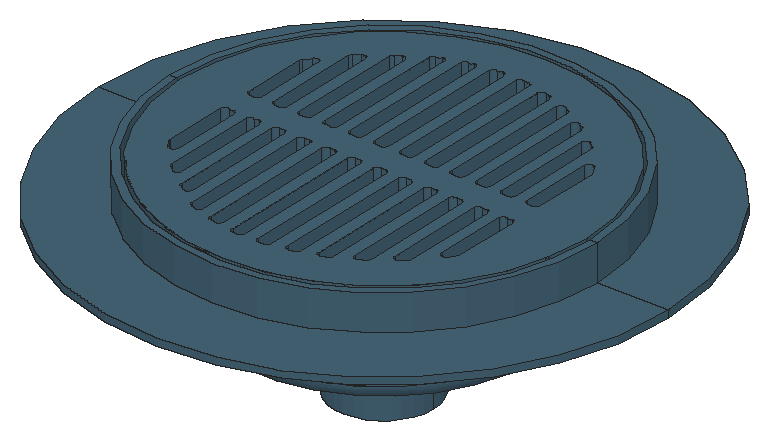
Revit family "Drain_Deck_Parking_Heavy-Duty-Zurn-Z536-With-Support-Flange", category Plumbing Fixtures, Revit 2022
Family settings
  Round Connector Dimension = Use Radius
  Part Type = Normal
  OmniClass Number = 23.70.50.21.24.14
  OmniClass Title = Deck Waste Water Drains
  Work Plane-Based = No
  Always vertical = Yes
  Cut with Voids When Loaded = No
  Maintain Annotation Orientation = No
  Shared = No
  Room Calculation Point = No
Parameters (values of type "Load Family Type Catalog")
  ZN-Top = no
  Waste Connection = 0 = 0  # yes
  WFU = 1  # constant formula
  Vent Connection = 0 = 1  # no
  URL = "www.zurn.com"
  Type Comments = "Z536-3 Inch-No-Hub Outlet"
  Top Diameter Width = 20.000"  # constant formula
  Top Diameter Inner = 15.375"  # constant formula
  Product data url = "https://www.bimobject.com/en/zurnindustries/product/zurn-z536-ic"
  Product Page URL = "https://www.zurn.com/products/drainage-interceptors/floor-drains/area-drains/z536"
  Product Installtion Sheet = "https://files.zurn.com/care-cleaning-install-warranty-sheets/fd39-(1).pdf"
  Product Documentation Link = "https://files.zurn.com/spec-sheets/z536.pdf"
  Frame Dimension = 2.000"
  Grate = Iron - Zurn - Cast - Painted - Blue
  A_ Pipe Size (Nominal) = 3.000"
  A_ Pipe Size (Actual-Outer) = 3.500"
  Connector Radius = [A_ Pipe Size (Nominal)] / 2  # 1.500"
  Modified Date = "12/26/2025"  # constant formula
  Model = "Z536"
  Manufacurer Brand = "Zurn"  # constant formula
  Manufacturer = "Zurn Water, LLC"  # constant formula
  Body Height_E = 5.250"
  HWFU = 0  # constant formula
  HW Connection = 0 = 1  # no
  Grate Open Area Sq.in = 56.000"  # constant formula
  Description = "15-3/8 [391] DIAMETER HEAVY-DUTY PARKING DECK DRAIN WITH SUPPORT FLANGE"  # constant formula
  Default Elevation = 25.000"  # constant formula
  Date Created = "11/13/2018"  # constant formula
  CWFU = 0  # constant formula
  Main Material = Iron - Zurn - Cast - Painted - Blue
  CW Connection = 0 = 1  # no
  Assembly Code = "D2030300"
  Approx. Weight (Lbs) = 95.000"
  A_ Pipe Size (Actual-Inner) = 3.068"
Reference planes (in)
  plane 1 "Center (Front/Back)": y = 0
  plane 2: z = 0
  plane 3 "Center (Left/Right)": x = 0
  plane 4: y = 10
  plane 5: y = -10
  plane 6: y = -7.6875
  plane 7: y = 7.6875
  plane 8: y = 1.75
  plane 9: y = -1.75
  plane 10: x = -10
  plane 11: x = 10
  plane 12: x = -7.6875
  plane 13: x = 7.6875
  plane 14: x = -7.5
  plane 15: x = 7.5
  plane 16: x = -8
  plane 17: x = 8
  plane 18: z = -2
  plane 19: z = -7.25
  plane 20: z = -1.75
  plane 21: z = -4.5
  plane 22: z = -1.25
  plane 23: z = -1.5
  plane 24: z = -1.5
  plane 25: x = 7.25
  plane 26: z = -3.00819
  plane 27: z = -2.32069
  plane 28: x = 5.625
  plane 29: x = 6.6875
  plane 30: x = -1.75
  plane 31: x = 1.75
  plane 32: z = -1.5
  plane 33: y = 7.125
  plane 34: y = -7.125
  plane 35: x = -7.125
  plane 36: x = 7.125
  plane 37: y = 4.75
  plane 38: y = 2.375
  plane 39: y = -2.375
  plane 40: y = -4.75
  plane 41: x = -4.75
  plane 42: x = -2.375
  plane 43: x = 2.375
  plane 44: x = 4.75
  plane 45: z = 0
  plane 46: z = -0.188
Forms (in)
  Revolve 1, solid, material "Iron - Zurn - Cast - Painted - Blue" <- "Main Material", detail levels fine
    sketch origin (0, 0, 0) x (1, 0, 0) y (0, 0, 1)
      loop
        line (7.5, 0) -> (7.25, 0) -> (7.25, -1.5) -> (0, -1.5) -> (0, -2) -> (7.5, -2) -> (7.5, -1.75) -> (8, -1.75) -> (8, -1.5) -> (10, -1.5) -> (10, -1.25) -> (7.5, -1.25) -> (7.5, 0)
      axis (0, 0) -> (0, -2)
    angle from 0 to 360
  Revolve 2, solid, material "Iron - Zurn - Cast - Painted - Blue" <- "Main Material", detail levels fine
    sketch origin (0, 0, 0) x (1, 0, 0) y (0, 0, 1)
      loop
        line (0, -2) -> (0, -4.5) -> (5.125, -4.5)
        arc (5.125, -4.5) -> (5.47855, -4.35355) -> (5.625, -4) r 0.5
        line (5.625, -4) -> (5.625, -3.00819) -> (6.6875, -3.00819) -> (6.6875, -2.32069) -> (7.5, -2.32069) -> (7.5, -2) -> (0, -2)
      axis (0, -2) -> (0, -4.5)
    angle from 0 to 360
  Extrusion 3, solid, material "Iron - Zurn - Cast - Painted - Blue" <- "Main Material", detail levels fine
    sketch origin (0, 0, 0) x (1, 0, 0) y (0, 1, 0)
      loop
        circle (0, 0) r 1.75
      loop
        circle (0, 0) r 1.534
    from -7.25 to -4.5
  Extrusion 4, solid, material "Iron - Zurn - Cast - Painted - Blue" <- "Grate", visible <- "ZN-Top", detail levels fine
    sketch origin (0, 0, 0) x (1, 0, 0) y (0, 1, 0)
      loop
        circle (0, 0) r 7.5
      loop
        circle (0, 0) r 7.25
    from -0.188 to 0
Lines and regions (in)
  Masking region 1, detail levels fine
    outline origin (0, 0, 0) x (1, 0, 0) y (0, 1, 0)
      loop
        circle (0, 0) r 10
  model lines, detail levels coarse+medium
    curve 1: circle (0, 0, 0) r 7.5 normal (0, 0, 1)
    curve 2: circle (0, 0, 0) r 7.125 normal (0, 0, 1)
    curve 3: line (0, 0, 0) -> (0, 0, -7.25)
    curve 4: line (-1.75, 0, -7.25) -> (1.75, 0, -7.25)
    curve 5: line (0, 1.75, -7.25) -> (0, -1.75, -7.25)
    curve 6: line (-5.31066, 4.75, 0) -> (5.31066, 4.75, 0)
    curve 7: line (-6.71751, 2.375, 0) -> (6.71751, 2.375, 0)
    curve 8: line (-7.125, 0, 0) -> (7.125, 0, 0)
    curve 9: line (-6.71751, -2.375, 0) -> (6.71751, -2.375, 0)
    curve 10: line (-5.31066, -4.75, 0) -> (5.31066, -4.75, 0)
    curve 11: line (4.75, 5.31066, 0) -> (4.75, -5.31066, 0)
    curve 12: line (2.375, 6.71751, 0) -> (2.375, -6.71751, 0)
    curve 13: line (0, 7.125, 0) -> (0, -7.125, 0)
    curve 14: line (-2.375, 6.71751, 0) -> (-2.375, -6.71751, 0)
    curve 15: line (-4.75, 5.31066, 0) -> (-4.75, -5.31066, 0)
Dimensions and locks (in)
  equal spacing: plane 4, plane 1 "Center (Front/Back)", plane 5
  plane 4 to plane 5 = 20.000"
  equal spacing: plane 7, plane 1 "Center (Front/Back)", plane 6
  "Top Diameter Inner": plane 7 to plane 6
  equal spacing: plane 8, plane 1 "Center (Front/Back)", plane 9
  "A_ Pipe Size (Actual-Outer)": plane 8 to plane 9
  equal spacing: plane 11, plane 3 "Center (Left/Right)", plane 10
  "Top Diameter Width": plane 11 to plane 10
  equal spacing: plane 13, plane 3 "Center (Left/Right)", plane 12
  "Top Diameter Inner": plane 13 to plane 12
  equal spacing: plane 15, plane 3 "Center (Left/Right)", plane 14
  plane 15 to plane 14 = 15.000"
  equal spacing: plane 17, plane 3 "Center (Left/Right)", plane 16
  plane 17 to plane 16 = 16.000"
  "Frame Dimension": level to plane 18
  level to plane 20 = 1.750"
  "Body Height_E": plane 18 to plane 19
  plane 21 to plane 19 = 2.750"
  locked: plane 18 to plane 21 at 2.5
  plane 15 to plane 25 = 0.250"
  plane 23 to plane 20 = 0.250"
  plane 22 to plane 23 = 0.250"
  plane 20 to plane 18 = 0.250"
  plane 18 to plane 27 = 0.32069"
  plane 27 to plane 26 = 0.6875"
  plane 26 to plane 21 = 1.49181"
  equal spacing: plane 31, plane 3 "Center (Left/Right)", plane 30
  "A_ Pipe Size (Actual-Outer)": plane 31 to plane 30
  level to plane 32 = 1.500"
  level to plane 22 = 1.250"
  equal spacing: plane 35, plane 3 "Center (Left/Right)", plane 36
  plane 35 to plane 36 = 14.250"
  equal spacing: plane 33, plane 1 "Center (Front/Back)", plane 34
  plane 33 to plane 34 = 14.250"
  equal spacing: plane 33, plane 37, plane 38, plane 1 "Center (Front/Back)"
  equal spacing: plane 1 "Center (Front/Back)", plane 39, plane 40, plane 34
  equal spacing: plane 35, plane 41, plane 42, plane 3 "Center (Left/Right)"
  equal spacing: plane 3 "Center (Left/Right)", plane 43, plane 44, plane 36
  plane 45 to plane 18 = 2.000"
  plane 45 to plane 22 = 1.250"
  level to plane 46 = 0.188"
  "A_ Pipe Size (Actual-Outer)": diameter of Extrusion 3 sketch curve
  "A_ Pipe Size (Actual-Inner)": diameter of Extrusion 3 sketch curve
  aligned and locked: plane 2 to level
  aligned and locked: plane 3 "Center (Left/Right)" to Revolve 1 sketch curve
  aligned and locked: plane 18 to Revolve 1 sketch curve
  aligned and locked: Revolve 1 sketch curve to plane 15  (x2)
  aligned and locked: Revolve 1 sketch curve to plane 11
  aligned and locked: Revolve 1 sketch curve to plane 17
  aligned and locked: plane 20 to Revolve 1 sketch curve
  aligned and locked: Revolve 1 sketch curve to plane 24
  aligned and locked: plane 23 to Revolve 1 sketch curve
  aligned and locked: Revolve 1 sketch curve to plane 22
  aligned and locked: plane 25 to Revolve 1 sketch curve
  aligned and locked: Revolve 1 sketch curve to plane 3 "Center (Left/Right)"
  aligned and locked: Revolve 2 sketch curve to plane 18
  aligned and locked: Revolve 2 sketch curve to plane 15
  aligned and locked: plane 21 to Revolve 2 sketch curve
  aligned and locked: plane 27 to Revolve 2 sketch curve
  aligned and locked: plane 26 to Revolve 2 sketch curve
  aligned and locked: plane 3 "Center (Left/Right)" to Revolve 2 sketch curve
  aligned and locked: plane 29 to Revolve 2 sketch curve
  aligned and locked: plane 28 to Revolve 2 sketch curve
  aligned and locked: Revolve 2 sketch curve to plane 3 "Center (Left/Right)"
  aligned and locked: plane 3 "Center (Left/Right)" to Extrusion 3 sketch curve  (x2)
  aligned and locked: plane 1 "Center (Front/Back)" to Extrusion 3 sketch curve  (x2)
  aligned and locked: plane 21 to Extrusion 3
  aligned and locked: Extrusion 3 to plane 19
  aligned and locked: plane 1 "Center (Front/Back)" to nested 1
  aligned and locked: plane 3 "Center (Left/Right)" to nested 1
  aligned and locked: level to nested 1
  aligned and locked: plane 32 to nested 1
  aligned and locked: plane 3 "Center (Left/Right)" to curve 1
  aligned and locked: plane 1 "Center (Front/Back)" to curve 1
  aligned and locked: plane 3 "Center (Left/Right)" to curve 2
  aligned and locked: plane 1 "Center (Front/Back)" to curve 2
  aligned and locked: plane 19 to curve 3
  aligned and locked: level to curve 3
  aligned and locked: curve 3 to plane 3 "Center (Left/Right)"
  aligned and locked: plane 30 to curve 4
  aligned and locked: plane 31 to curve 4
  aligned and locked: curve 4 to plane 19
  aligned and locked: plane 8 to curve 5
  aligned and locked: plane 9 to curve 5
  aligned and locked: curve 5 to plane 19
  aligned and locked: curve 6 to plane 37
  aligned and locked: curve 7 to plane 38
  aligned and locked: plane 1 "Center (Front/Back)" to curve 8
  aligned and locked: curve 9 to plane 39
  aligned and locked: curve 10 to plane 40
  aligned and locked: curve 11 to plane 44
  aligned and locked: curve 12 to plane 43
  aligned and locked: curve 13 to plane 3 "Center (Left/Right)"
  aligned and locked: curve 14 to plane 42
  aligned and locked: curve 15 to plane 41
  aligned and locked: plane 3 "Center (Left/Right)" to Masking region 1 sketch curve
  aligned and locked: plane 1 "Center (Front/Back)" to Masking region 1 sketch curve
  aligned and locked: plane 45 to Revolve 1 sketch curve
  aligned and locked: Extrusion 4 to plane 46
  aligned and locked: level to Extrusion 4
  aligned and locked: plane 3 "Center (Left/Right)" to Extrusion 4 sketch curve  (x2)
  aligned and locked: plane 1 "Center (Front/Back)" to Extrusion 4 sketch curve  (x2)
Automatic sketch dimensions
  Revolve 1 sketch curve to plane 19 = 1.500"
  Revolve 2 sketch curve to plane 28 = 0.500"
  Revolve 2 sketch curve to plane 19 = 1.750"
  level to Revolve 2 sketch curve = 2.750"
  level to Revolve 1 sketch curve = 3.812"
  curve 8 to plane 35 = 0.000"
  radius of curve 1 = 7.500"
  radius of Masking region 1 sketch curve = 10.000"
  radius of Extrusion 4 sketch curve = 7.500"
  radius of Extrusion 4 sketch curve = 7.250"
Nested families (in)
  nested 1: "Grate" at (0, 0, 0), Grate <- "Grate", type "Grate", detail levels fine
    with Grate Iron - Zurn - Cast - Painted - Blue
Definition of nested family "Grate"
  Parameters (values of type "Grate")
    URL = "www.zurn.com"
    Product data url = ""
    Product Page URL = ""
    Product Installation Sheet URL = ""
    Product Documentation Link = ""
    Modified Date = ""
    Manufacurer Brand = "Zurn"  # constant formula
    Manufacturer = "Zurn Water, LLC"  # constant formula
    Grate [instance] = none
    Default Elevation = 0.000"
    Date Created = ""
    Approx. Weight (Lbs) = 0.000"
  Reference planes (in)
    plane 1 "Center (Front/Back)": y = 0
    plane 2: z = 0
    plane 3 "Center (Left/Right)": x = 0
    plane 4: x = -7.125
    plane 5: x = 7.125
    plane 6: y = 7.125
    plane 7: y = -7.125
    plane 8: z = -1.5
  Forms (in)
    Extrusion 1, solid, material <- "Grate"
      sketch origin (0, 0, 0) x (1, 0, 0) y (0, 1, 0)
        loop
          circle (0, 0) r 7.125
      from -1.5 to 0
    Extrusion 2, void
      sketch origin (0.125, 0, 0) x (1, 0, 0) y (0, 1, 0)
        loop
          arc (-5.368, 0.62352) -> (-5.32085, 0.50968) -> (-5.20701, 0.46253) r 0.16099
          line (-5.20701, 0.46253) -> (-5.03646, 0.46253)
          arc (-5.03646, 0.46253) -> (-4.92262, 0.50968) -> (-4.87547, 0.62352) r 0.16099
          line (-4.87547, 0.62352) -> (-4.87547, 3.06204)
          arc (-4.87547, 3.06204) -> (-4.98531, 3.21493) -> (-5.16526, 3.15962) r 0.16132
          line (-5.16526, 3.15962) -> (-5.34021, 2.90976)
          arc (-5.34021, 2.90976) -> (-5.36089, 2.86711) -> (-5.368, 2.82025) r 0.15806
          line (-5.368, 2.82025) -> (-5.368, 0.62352)
        loop
          arc (-4.48133, 0.62352) -> (-4.43417, 0.50968) -> (-4.32033, 0.46253) r 0.16099
          line (-4.32033, 0.46253) -> (-4.14979, 0.46253)
          arc (-4.14979, 0.46253) -> (-4.03595, 0.50968) -> (-3.9888, 0.62352) r 0.16099
          line (-3.9888, 0.62352) -> (-3.9888, 4.01681)
          arc (-3.9888, 4.01681) -> (-4.08423, 4.16383) -> (-4.25736, 4.13651) r 0.16095
          line (-4.25736, 4.13651) -> (-4.43027, 3.98106)
          arc (-4.43027, 3.98106) -> (-4.46801, 3.92758) -> (-4.48133, 3.86351) r 0.16086
          line (-4.48133, 3.86351) -> (-4.48133, 0.62352)
        loop
          arc (-3.59465, 0.62352) -> (-3.5475, 0.50968) -> (-3.43366, 0.46253) r 0.16099
          line (-3.43366, 0.46253) -> (-3.26311, 0.46253)
          arc (-3.26311, 0.46253) -> (-3.14927, 0.50968) -> (-3.10212, 0.62352) r 0.16099
          line (-3.10212, 0.62352) -> (-3.10212, 4.65187)
          arc (-3.10212, 4.65187) -> (-3.18299, 4.79149) -> (-3.34434, 4.7908) r 0.16095
          line (-3.34434, 4.7908) -> (-3.51926, 4.68356)
          arc (-3.51926, 4.68356) -> (-3.57453, 4.62559) -> (-3.59465, 4.54806) r 0.15946
          line (-3.59465, 4.54806) -> (-3.59465, 0.62352)
        loop
          arc (-2.70798, 0.62352) -> (-2.66082, 0.50968) -> (-2.54699, 0.46253) r 0.16099
          line (-2.54699, 0.46253) -> (-2.37644, 0.46253)
          arc (-2.37644, 0.46253) -> (-2.2626, 0.50968) -> (-2.21545, 0.62352) r 0.16099
          line (-2.21545, 0.62352) -> (-2.21545, 5.26504)
          arc (-2.21545, 5.26504) -> (-2.28479, 5.39737) -> (-2.43306, 5.41569) r 0.16095
          line (-2.43306, 5.41569) -> (-2.60891, 5.34464)
          arc (-2.60891, 5.34464) -> (-2.68092, 5.28579) -> (-2.70798, 5.19682) r 0.15981
          line (-2.70798, 5.19682) -> (-2.70798, 0.62352)
        loop
          arc (-1.8213, 0.62352) -> (-1.77415, 0.50968) -> (-1.66031, 0.46253) r 0.16099
          line (-1.66031, 0.46253) -> (-1.48976, 0.46253)
          arc (-1.48976, 0.46253) -> (-1.37593, 0.50968) -> (-1.32877, 0.62352) r 0.16099
          line (-1.32877, 0.62352) -> (-1.32877, 5.52729)
          arc (-1.32877, 5.52729) -> (-1.38855, 5.65247) -> (-1.52348, 5.68467) r 0.16095
          line (-1.52348, 5.68467) -> (-1.6986, 5.64424)
          arc (-1.6986, 5.64424) -> (-1.78695, 5.58752) -> (-1.8213, 5.48831) r 0.16042
          line (-1.8213, 5.48831) -> (-1.8213, 0.62352)
        loop
          arc (-0.93463, 0.62352) -> (-0.88747, 0.50968) -> (-0.77364, 0.46253) r 0.16099
          line (-0.77364, 0.46253) -> (-0.60309, 0.46253)
          arc (-0.60309, 0.46253) -> (-0.48925, 0.50968) -> (-0.4421, 0.62352) r 0.16099
          line (-0.4421, 0.62352) -> (-0.4421, 5.64776)
          arc (-0.4421, 5.64776) -> (-0.49272, 5.76495) -> (-0.61276, 5.80842) r 0.16095
          line (-0.61276, 5.80842) -> (-0.78766, 5.79506)
          arc (-0.78766, 5.79506) -> (-0.89231, 5.74369) -> (-0.93463, 5.63506) r 0.16058
          line (-0.93463, 5.63506) -> (-0.93463, 0.62352)
        loop
          line (2.23864, 0.62352) -> (2.23864, 5.13432)
          arc (2.23864, 5.13432) -> (2.21158, 5.22329) -> (2.13957, 5.28214) r 0.15981
          line (2.13957, 5.28214) -> (1.96372, 5.35319)
          arc (1.96372, 5.35319) -> (1.81544, 5.33487) -> (1.7461, 5.20254) r 0.16095
          line (1.7461, 5.20254) -> (1.7461, 0.62352)
          arc (1.7461, 0.62352) -> (1.79326, 0.50968) -> (1.9071, 0.46253) r 0.16099
          line (1.9071, 0.46253) -> (2.07764, 0.46253)
          arc (2.07764, 0.46253) -> (2.19148, 0.50968) -> (2.23864, 0.62352) r 0.16099
        loop
          line (1.35196, 0.62352) -> (1.35196, 5.42581)
          arc (1.35196, 5.42581) -> (1.31761, 5.52502) -> (1.22926, 5.58174) r 0.16042
          line (1.22926, 5.58174) -> (1.05413, 5.62217)
          arc (1.05413, 5.62217) -> (0.91921, 5.58997) -> (0.85943, 5.46479) r 0.16095
          line (0.85943, 5.46479) -> (0.85943, 0.62352)
          arc (0.85943, 0.62352) -> (0.90658, 0.50968) -> (1.02042, 0.46253) r 0.16099
          line (1.02042, 0.46253) -> (1.19097, 0.46253)
          arc (1.19097, 0.46253) -> (1.30481, 0.50968) -> (1.35196, 0.62352) r 0.16099
        loop
          line (0.46529, 0.62352) -> (0.46529, 5.63506)
          arc (0.46529, 5.63506) -> (0.42297, 5.74369) -> (0.31832, 5.79506) r 0.16058
          line (0.31832, 5.79506) -> (0.14341, 5.80842)
          arc (0.14341, 5.80842) -> (0.02338, 5.76495) -> (-0.02724, 5.64776) r 0.16095
          line (-0.02724, 5.64776) -> (-0.02724, 0.62352)
          arc (-0.02724, 0.62352) -> (0.01991, 0.50968) -> (0.13375, 0.46253) r 0.16099
          line (0.13375, 0.46253) -> (0.30429, 0.46253)
          arc (0.30429, 0.46253) -> (0.41813, 0.50968) -> (0.46529, 0.62352) r 0.16099
        loop
          line (4.89866, 0.62352) -> (4.89866, 2.88275)
          arc (4.89866, 2.88275) -> (4.89155, 2.92961) -> (4.87087, 2.97226) r 0.15806
          line (4.87087, 2.97226) -> (4.69592, 3.22212)
          arc (4.69592, 3.22212) -> (4.51597, 3.27743) -> (4.40613, 3.12454) r 0.16132
          line (4.40613, 3.12454) -> (4.40613, 0.62352)
          arc (4.40613, 0.62352) -> (4.45328, 0.50968) -> (4.56712, 0.46253) r 0.16099
          line (4.56712, 0.46253) -> (4.73767, 0.46253)
          arc (4.73767, 0.46253) -> (4.85151, 0.50968) -> (4.89866, 0.62352) r 0.16099
        loop
          line (4.01199, 0.62352) -> (4.01199, 3.92601)
          arc (4.01199, 3.92601) -> (3.99867, 3.99008) -> (3.96093, 4.04356) r 0.16086
          line (3.96093, 4.04356) -> (3.78801, 4.19901)
          arc (3.78801, 4.19901) -> (3.61488, 4.22633) -> (3.51945, 4.07931) r 0.16095
          line (3.51945, 4.07931) -> (3.51945, 0.62352)
          arc (3.51945, 0.62352) -> (3.56661, 0.50968) -> (3.68045, 0.46253) r 0.16099
          line (3.68045, 0.46253) -> (3.85099, 0.46253)
          arc (3.85099, 0.46253) -> (3.96483, 0.50968) -> (4.01199, 0.62352) r 0.16099
        loop
          line (3.12531, 0.62352) -> (3.12531, 4.61056)
          arc (3.12531, 4.61056) -> (3.10519, 4.68809) -> (3.04992, 4.74606) r 0.15946
          line (3.04992, 4.74606) -> (2.875, 4.8533)
          arc (2.875, 4.8533) -> (2.71365, 4.85399) -> (2.63278, 4.71437) r 0.16095
          line (2.63278, 4.71437) -> (2.63278, 0.62352)
          arc (2.63278, 0.62352) -> (2.67993, 0.50968) -> (2.79377, 0.46253) r 0.16099
          line (2.79377, 0.46253) -> (2.96432, 0.46253)
          arc (2.96432, 0.46253) -> (3.07816, 0.50968) -> (3.12531, 0.62352) r 0.16099
        loop
          line (-5.368, -0.62352) -> (-5.368, -2.82025)
          arc (-5.368, -2.82025) -> (-5.36089, -2.86711) -> (-5.34021, -2.90976) r 0.15806
          line (-5.34021, -2.90976) -> (-5.16526, -3.15962)
          arc (-5.16526, -3.15962) -> (-4.98531, -3.21493) -> (-4.87547, -3.06204) r 0.16132
          line (-4.87547, -3.06204) -> (-4.87547, -0.62352)
          arc (-4.87547, -0.62352) -> (-4.92262, -0.50968) -> (-5.03646, -0.46253) r 0.16099
          line (-5.03646, -0.46253) -> (-5.20701, -0.46253)
          arc (-5.20701, -0.46253) -> (-5.32085, -0.50968) -> (-5.368, -0.62352) r 0.16099
        loop
          line (-4.48133, -0.62352) -> (-4.48133, -3.86351)
          arc (-4.48133, -3.86351) -> (-4.46801, -3.92758) -> (-4.43027, -3.98106) r 0.16086
          line (-4.43027, -3.98106) -> (-4.25736, -4.13651)
          arc (-4.25736, -4.13651) -> (-4.08423, -4.16383) -> (-3.9888, -4.01681) r 0.16095
          line (-3.9888, -4.01681) -> (-3.9888, -0.62352)
          arc (-3.9888, -0.62352) -> (-4.03595, -0.50968) -> (-4.14979, -0.46253) r 0.16099
          line (-4.14979, -0.46253) -> (-4.32033, -0.46253)
          arc (-4.32033, -0.46253) -> (-4.43417, -0.50968) -> (-4.48133, -0.62352) r 0.16099
        loop
          line (-3.59465, -0.62352) -> (-3.59465, -4.54806)
          arc (-3.59465, -4.54806) -> (-3.57453, -4.62559) -> (-3.51926, -4.68356) r 0.15946
          line (-3.51926, -4.68356) -> (-3.34434, -4.7908)
          arc (-3.34434, -4.7908) -> (-3.18299, -4.79149) -> (-3.10212, -4.65187) r 0.16095
          line (-3.10212, -4.65187) -> (-3.10212, -0.62352)
          arc (-3.10212, -0.62352) -> (-3.14927, -0.50968) -> (-3.26311, -0.46253) r 0.16099
          line (-3.26311, -0.46253) -> (-3.43366, -0.46253)
          arc (-3.43366, -0.46253) -> (-3.5475, -0.50968) -> (-3.59465, -0.62352) r 0.16099
        loop
          line (-2.70798, -0.62352) -> (-2.70798, -5.19682)
          arc (-2.70798, -5.19682) -> (-2.68092, -5.28579) -> (-2.60891, -5.34464) r 0.15981
          line (-2.60891, -5.34464) -> (-2.43306, -5.41569)
          arc (-2.43306, -5.41569) -> (-2.28479, -5.39737) -> (-2.21545, -5.26504) r 0.16095
          line (-2.21545, -5.26504) -> (-2.21545, -0.62352)
          arc (-2.21545, -0.62352) -> (-2.2626, -0.50968) -> (-2.37644, -0.46253) r 0.16099
          line (-2.37644, -0.46253) -> (-2.54699, -0.46253)
          arc (-2.54699, -0.46253) -> (-2.66082, -0.50968) -> (-2.70798, -0.62352) r 0.16099
        loop
          line (-1.8213, -0.62352) -> (-1.8213, -5.48831)
          arc (-1.8213, -5.48831) -> (-1.78695, -5.58752) -> (-1.6986, -5.64424) r 0.16042
          line (-1.6986, -5.64424) -> (-1.52348, -5.68467)
          arc (-1.52348, -5.68467) -> (-1.38855, -5.65247) -> (-1.32877, -5.52729) r 0.16095
          line (-1.32877, -5.52729) -> (-1.32877, -0.62352)
          arc (-1.32877, -0.62352) -> (-1.37593, -0.50968) -> (-1.48976, -0.46253) r 0.16099
          line (-1.48976, -0.46253) -> (-1.66031, -0.46253)
          arc (-1.66031, -0.46253) -> (-1.77415, -0.50968) -> (-1.8213, -0.62352) r 0.16099
        loop
          line (-0.93463, -0.62352) -> (-0.93463, -5.63506)
          arc (-0.93463, -5.63506) -> (-0.89231, -5.74369) -> (-0.78766, -5.79506) r 0.16058
          line (-0.78766, -5.79506) -> (-0.61276, -5.80842)
          arc (-0.61276, -5.80842) -> (-0.49272, -5.76495) -> (-0.4421, -5.64776) r 0.16095
          line (-0.4421, -5.64776) -> (-0.4421, -0.62352)
          arc (-0.4421, -0.62352) -> (-0.48925, -0.50968) -> (-0.60309, -0.46253) r 0.16099
          line (-0.60309, -0.46253) -> (-0.77364, -0.46253)
          arc (-0.77364, -0.46253) -> (-0.88747, -0.50968) -> (-0.93463, -0.62352) r 0.16099
        loop
          arc (2.23864, -0.62352) -> (2.19148, -0.50968) -> (2.07764, -0.46253) r 0.16099
          line (2.07764, -0.46253) -> (1.9071, -0.46253)
          arc (1.9071, -0.46253) -> (1.79326, -0.50968) -> (1.7461, -0.62352) r 0.16099
          line (1.7461, -0.62352) -> (1.7461, -5.20254)
          arc (1.7461, -5.20254) -> (1.81544, -5.33487) -> (1.96372, -5.35319) r 0.16095
          line (1.96372, -5.35319) -> (2.13957, -5.28214)
          arc (2.13957, -5.28214) -> (2.21158, -5.22329) -> (2.23864, -5.13432) r 0.15981
          line (2.23864, -5.13432) -> (2.23864, -0.62352)
        loop
          arc (1.35196, -0.62352) -> (1.30481, -0.50968) -> (1.19097, -0.46253) r 0.16099
          line (1.19097, -0.46253) -> (1.02042, -0.46253)
          arc (1.02042, -0.46253) -> (0.90658, -0.50968) -> (0.85943, -0.62352) r 0.16099
          line (0.85943, -0.62352) -> (0.85943, -5.46479)
          arc (0.85943, -5.46479) -> (0.91921, -5.58997) -> (1.05413, -5.62217) r 0.16095
          line (1.05413, -5.62217) -> (1.22926, -5.58174)
          arc (1.22926, -5.58174) -> (1.31761, -5.52502) -> (1.35196, -5.42581) r 0.16042
          line (1.35196, -5.42581) -> (1.35196, -0.62352)
        loop
          arc (0.46529, -0.62352) -> (0.41813, -0.50968) -> (0.30429, -0.46253) r 0.16099
          line (0.30429, -0.46253) -> (0.13375, -0.46253)
          arc (0.13375, -0.46253) -> (0.01991, -0.50968) -> (-0.02724, -0.62352) r 0.16099
          line (-0.02724, -0.62352) -> (-0.02724, -5.64776)
          arc (-0.02724, -5.64776) -> (0.02338, -5.76495) -> (0.14341, -5.80842) r 0.16095
          line (0.14341, -5.80842) -> (0.31832, -5.79506)
          arc (0.31832, -5.79506) -> (0.42297, -5.74369) -> (0.46529, -5.63506) r 0.16058
          line (0.46529, -5.63506) -> (0.46529, -0.62352)
        loop
          arc (4.89866, -0.62352) -> (4.85151, -0.50968) -> (4.73767, -0.46253) r 0.16099
          line (4.73767, -0.46253) -> (4.56712, -0.46253)
          arc (4.56712, -0.46253) -> (4.45328, -0.50968) -> (4.40613, -0.62352) r 0.16099
          line (4.40613, -0.62352) -> (4.40613, -3.12454)
          arc (4.40613, -3.12454) -> (4.51597, -3.27743) -> (4.69592, -3.22212) r 0.16132
          line (4.69592, -3.22212) -> (4.87087, -2.97226)
          arc (4.87087, -2.97226) -> (4.89155, -2.92961) -> (4.89866, -2.88275) r 0.15806
          line (4.89866, -2.88275) -> (4.89866, -0.62352)
        loop
          arc (4.01199, -0.62352) -> (3.96483, -0.50968) -> (3.85099, -0.46253) r 0.16099
          line (3.85099, -0.46253) -> (3.68045, -0.46253)
          arc (3.68045, -0.46253) -> (3.56661, -0.50968) -> (3.51945, -0.62352) r 0.16099
          line (3.51945, -0.62352) -> (3.51945, -4.07931)
          arc (3.51945, -4.07931) -> (3.61488, -4.22633) -> (3.78801, -4.19901) r 0.16095
          line (3.78801, -4.19901) -> (3.96093, -4.04356)
          arc (3.96093, -4.04356) -> (3.99867, -3.99008) -> (4.01199, -3.92601) r 0.16086
          line (4.01199, -3.92601) -> (4.01199, -0.62352)
        loop
          arc (3.12531, -0.62352) -> (3.07816, -0.50968) -> (2.96432, -0.46253) r 0.16099
          line (2.96432, -0.46253) -> (2.79377, -0.46253)
          arc (2.79377, -0.46253) -> (2.67993, -0.50968) -> (2.63278, -0.62352) r 0.16099
          line (2.63278, -0.62352) -> (2.63278, -4.71437)
          arc (2.63278, -4.71437) -> (2.71365, -4.85399) -> (2.875, -4.8533) r 0.16095
          line (2.875, -4.8533) -> (3.04992, -4.74606)
          arc (3.04992, -4.74606) -> (3.10519, -4.68809) -> (3.12531, -4.61056) r 0.15946
          line (3.12531, -4.61056) -> (3.12531, -0.62352)
      from -1.5 to 0
  Cuts and joins
    Extrusion 2 cuts Extrusion 1
  Dimensions and locks (in)
    equal spacing: plane 4, plane 3 "Center (Left/Right)", plane 5
    plane 4 to plane 5 = 14.250"
    equal spacing: plane 6, plane 1 "Center (Front/Back)", plane 7
    plane 6 to plane 7 = 14.250"
    level to plane 8 = 1.500"
    aligned and locked: plane 2 to level
    aligned and locked: plane 3 "Center (Left/Right)" to Extrusion 1 sketch curve
    aligned and locked: plane 1 "Center (Front/Back)" to Extrusion 1 sketch curve
    aligned and locked: Extrusion 1 to plane 8
    aligned and locked: level to Extrusion 1
    aligned and locked: Extrusion 2 to plane 8
    aligned and locked: level to Extrusion 2
  Automatic sketch dimensions
    Extrusion 2 sketch curve to plane 1 "Center (Front/Back)" = 0.62352"
    plane 4 to Extrusion 2 sketch curve = 1.882"  (x2)
    Extrusion 2 sketch curve to Extrusion 2 sketch curve = 0.02779"  (x4)
    Extrusion 2 sketch curve to Extrusion 2 sketch curve = 0.13027"  (x4)
    Extrusion 2 sketch curve to Extrusion 2 sketch curve = 0.16099"  (x34)
    Extrusion 2 sketch curve to Extrusion 2 sketch curve = 0.17495"  (x2)
    Extrusion 2 sketch curve to Extrusion 2 sketch curve = 0.12847"  (x4)
    Extrusion 2 sketch curve to Extrusion 2 sketch curve = 0.17055"  (x24)
    Extrusion 2 sketch curve to Extrusion 2 sketch curve = 0.16132"  (x4)
    Extrusion 2 sketch curve to Extrusion 2 sketch curve = 0.39414"  (x20)
    Extrusion 2 sketch curve to Extrusion 2 sketch curve = 0.05105"  (x3)
    Extrusion 2 sketch curve to Extrusion 2 sketch curve = 0.16086"  (x2)
    Extrusion 2 sketch curve to Extrusion 2 sketch curve = 0.17292"  (x2)
    Extrusion 2 sketch curve to Extrusion 2 sketch curve = 0.10761"  (x4)
    Extrusion 2 sketch curve to Extrusion 2 sketch curve = 0.16095"  (x14)
    Extrusion 2 sketch curve to plane 6 = 2.44144"
    Extrusion 2 sketch curve to Extrusion 2 sketch curve = 0.07539"  (x2)
    plane 7 to Extrusion 2 sketch curve = 2.44144"
    Extrusion 2 sketch curve to Extrusion 2 sketch curve = 0.15946"  (x2)
    Extrusion 2 sketch curve to Extrusion 2 sketch curve = 0.17492"  (x2)
    Extrusion 2 sketch curve to Extrusion 2 sketch curve = 0.08126"  (x4)
    plane 7 to Extrusion 2 sketch curve = 1.78036"
    Extrusion 2 sketch curve to Extrusion 2 sketch curve = 0.09907"  (x2)
    Extrusion 2 sketch curve to plane 6 = 1.78036"
    Extrusion 2 sketch curve to Extrusion 2 sketch curve = 0.15981"  (x3)
    Extrusion 2 sketch curve to Extrusion 2 sketch curve = 0.17585"  (x2)
    Extrusion 2 sketch curve to Extrusion 2 sketch curve = 0.05666"  (x4)
    Extrusion 2 sketch curve to Extrusion 2 sketch curve = 0.1227"  (x2)
    Extrusion 2 sketch curve to Extrusion 2 sketch curve = 0.03772"  (x4)
    Extrusion 2 sketch curve to Extrusion 2 sketch curve = 0.17512"  (x2)
    Extrusion 2 sketch curve to Extrusion 2 sketch curve = 0.03375"  (x4)
    Extrusion 2 sketch curve to Extrusion 2 sketch curve = 0.14697"  (x2)
    Extrusion 2 sketch curve to Extrusion 2 sketch curve = 0.01361"  (x4)
    Extrusion 2 sketch curve to Extrusion 2 sketch curve = 0.17491"  (x2)
    Extrusion 2 sketch curve to Extrusion 2 sketch curve = 0.00971"  (x2)
    plane 3 "Center (Left/Right)" to Extrusion 2 sketch curve = 0.09776"  (x2)
    plane 3 "Center (Left/Right)" to Extrusion 2 sketch curve = 0.25871"  (x2)
    plane 3 "Center (Left/Right)" to Extrusion 2 sketch curve = 0.25875"  (x2)
    plane 3 "Center (Left/Right)" to Extrusion 2 sketch curve = 0.26841"  (x2)
    Extrusion 2 sketch curve to Extrusion 2 sketch curve = 0.171"  (x2)
    Extrusion 2 sketch curve to Extrusion 2 sketch curve = 0.17115"  (x2)
    Extrusion 2 sketch curve to Extrusion 2 sketch curve = 0.17176"  (x2)
    Extrusion 2 sketch curve to Extrusion 2 sketch curve = 0.06075"  (x2)
    Extrusion 2 sketch curve to Extrusion 2 sketch curve = 0.17212"  (x2)
    Extrusion 2 sketch curve to Extrusion 2 sketch curve = 0.08406"  (x2)
    Extrusion 2 sketch curve to Extrusion 2 sketch curve = 0.17072"  (x2)
    Extrusion 2 sketch curve to Extrusion 2 sketch curve = 0.1098"  (x2)
    Extrusion 2 sketch curve to Extrusion 2 sketch curve = 0.17315"  (x2)
    plane 7 to Extrusion 2 sketch curve = 1.77181"
    Extrusion 2 sketch curve to Extrusion 2 sketch curve = 0.07105"  (x2)
    Extrusion 2 sketch curve to Extrusion 2 sketch curve = 0.22328"  (x4)
    Extrusion 2 sketch curve to Extrusion 2 sketch curve = 0.03898"  (x4)
    Extrusion 2 sketch curve to Extrusion 2 sketch curve = 0.17026"  (x2)
    Extrusion 2 sketch curve to Extrusion 2 sketch curve = 0.10776"  (x2)
    Extrusion 2 sketch curve to Extrusion 2 sketch curve = 0.0127"  (x4)
    Extrusion 2 sketch curve to Extrusion 2 sketch curve = 0.28102"
    Extrusion 2 sketch curve to Extrusion 2 sketch curve = 0.10724"  (x2)
    Extrusion 2 sketch curve to Extrusion 2 sketch curve = 0.41155"  (x2)
    Extrusion 2 sketch curve to Extrusion 2 sketch curve = 0.15545"  (x2)
    Extrusion 2 sketch curve to Extrusion 2 sketch curve = 0.70389"  (x2)
    Extrusion 2 sketch curve to Extrusion 2 sketch curve = 0.24985"  (x2)
    plane 1 "Center (Front/Back)" to Extrusion 2 sketch curve = 0.62352"  (x2)
    Extrusion 2 sketch curve to Extrusion 2 sketch curve = 0.000"  (x10)
    Extrusion 2 sketch curve to plane 1 "Center (Front/Back)" = 0.46253"  (x11)
    Extrusion 2 sketch curve to Extrusion 2 sketch curve = 2.19672"
    Extrusion 2 sketch curve to Extrusion 2 sketch curve = 2.25922"
    Extrusion 2 sketch curve to Extrusion 2 sketch curve = 0.2418"  (x2)
    Extrusion 2 sketch curve to Extrusion 2 sketch curve = 0.80146"  (x2)
    Extrusion 2 sketch curve to Extrusion 2 sketch curve = 0.15331"  (x2)
    Extrusion 2 sketch curve to Extrusion 2 sketch curve = 0.53125"
    Extrusion 2 sketch curve to Extrusion 2 sketch curve = 0.10381"  (x2)
    Extrusion 2 sketch curve to Extrusion 2 sketch curve = 0.41995"
    Extrusion 2 sketch curve to Extrusion 2 sketch curve = 0.06822"  (x2)
    radius of Extrusion 1 sketch curve = 7.125"
Types in the file's own list only (14): name | ZN-Top | Type Comments | Top Diameter Width | Top Diameter Inner | Frame Dimension | Grate | A_ Pipe Size (Nominal) | A_ Pipe Size (Actual-Outer) | Connector Radius | Model | Body Height_E | Grate Open Area Sq.in | Default Elevation | Approx. Weight (Lbs) | A_ Pipe Size (Actual-Inner)
  Z536-3NH | No | "Z536-3 Inch-No-Hub Outlet" | 20.000 " | 15.375 " | 2.000 " | Iron - Zurn - Cast - Painted - Blue | 3.000 " | 3.500 " | 1.500 " | "Z536" | 5.250 " | 56.000 " | 25.000 " | 95.000 " | 3.068 "
  Z536-3NL | No | "Z536-3 Inch-Neo-Loc Outlet" | 20.000 " | 15.375 " | 2.000 " | Iron - Zurn - Cast - Painted - Blue | 3.000 " | 3.500 " | 1.500 " | "Z536" | 4.625 " | 56.000 " | 25.000 " | 95.000 " | 3.068 "
  Z536-4IP | No | "Z536-4 Inch-Threaded Outlet" | 20.000 " | 15.375 " | 2.000 " | Iron - Zurn - Cast - Painted - Blue | 4.000 " | 4.500 " | 2.000 " | "Z536" | 3.750 " | 56.000 " | 25.000 " | 95.000 " | 4.026 "
  Z536-4NH | No | "Z536-4 Inch-No-Hub Outlet" | 20.000 " | 15.375 " | 2.000 " | Iron - Zurn - Cast - Painted - Blue | 4.000 " | 4.500 " | 2.000 " | "Z536" | 5.250 " | 56.000 " | 25.000 " | 95.000 " | 4.026 "
  Z536-4NL | No | "Z536-4 Inch-Neo-Loc Outlet" | 20.000 " | 15.375 " | 2.000 " | Iron - Zurn - Cast - Painted - Blue | 4.000 " | 4.500 " | 2.000 " | "Z536" | 4.625 " | 56.000 " | 25.000 " | 95.000 " | 4.026 "
  Z536-6NH | No | "Z536-6 Inch-No-Hub Outlet" | 20.000 " | 15.375 " | 2.000 " | Iron - Zurn - Cast - Painted - Blue | 6.000 " | 6.625 " | 3.000 " | "Z536" | 5.250 " | 56.000 " | 25.000 " | 95.000 " | 6.065 "
  Z536-8NH | No | "Z536-8 Inch-No-Hub Outlet" | 20.000 " | 15.375 " | 2.000 " | Iron - Zurn - Cast - Painted - Blue | 8.000 " | 8.625 " | 4.000 " | "Z536" | 5.250 " | 56.000 " | 25.000 " | 97.000 " | 7.981 "
  ZN536-3NH | Yes | "ZN536-3 Inch-No-Hub Outlet" | 20.000 " | 15.375 " | 2.188 " | Bronze - Zurn - Polished Nickel | 3.000 " | 3.500 " | 1.500 " | "ZN536" | 5.250 " | 56.000 " | 25.000 " | 95.000 " | 3.068 "
  ZN536-3NL | Yes | "ZN536-3 Inch-Neo-Loc Outlet" | 20.000 " | 15.375 " | 2.188 " | Bronze - Zurn - Polished Nickel | 3.000 " | 3.500 " | 1.500 " | "ZN536" | 4.625 " | 56.000 " | 25.000 " | 95.000 " | 3.068 "
  ZN536-4IP | Yes | "ZN536-4 Inch-Threaded Outlet" | 20.000 " | 15.375 " | 2.188 " | Bronze - Zurn - Polished Nickel | 4.000 " | 4.500 " | 2.000 " | "ZN536" | 3.750 " | 56.000 " | 25.000 " | 95.000 " | 4.026 "
  ZN536-4NH | Yes | "ZN536-4 Inch-No-Hub Outlet" | 20.000 " | 15.375 " | 2.188 " | Bronze - Zurn - Polished Nickel | 4.000 " | 4.500 " | 2.000 " | "ZN536" | 5.250 " | 56.000 " | 25.000 " | 95.000 " | 4.026 "
  ZN536-4NL | Yes | "ZN536-4 Inch-Neo-Loc Outlet" | 20.000 " | 15.375 " | 2.188 " | Bronze - Zurn - Polished Nickel | 4.000 " | 4.500 " | 2.000 " | "ZN536" | 4.625 " | 56.000 " | 25.000 " | 95.000 " | 4.026 "
  ZN536-6NH | Yes | "ZN536-6 Inch-No-Hub Outlet" | 20.000 " | 15.375 " | 2.188 " | Bronze - Zurn - Polished Nickel | 6.000 " | 6.625 " | 3.000 " | "ZN536" | 5.250 " | 56.000 " | 25.000 " | 95.000 " | 6.065 "
  ZN536-8NH | Yes | "ZN536-8 Inch-No-Hub Outlet" | 20.000 " | 15.375 " | 2.188 " | Bronze - Zurn - Polished Nickel | 8.000 " | 8.625 " | 4.000 " | "ZN536" | 5.250 " | 56.000 " | 25.000 " | 97.000 " | 7.981 "
